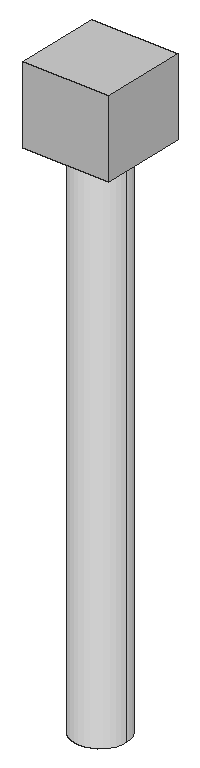
Revit family "529aaa70927044958ceb0f1610bc4a7b", category Structural Foundations, Revit 2021
Family settings
  Material for Model Behavior = Concrete
  Cap = No
  OmniClass Number = 23.25.05.11
  OmniClass Title = Foundation Piles
  Seek Item ID = Pile Cap-1 Pile-0000-USA-ENU
  Work Plane-Based = No
  Always vertical = Yes
  Cut with Voids When Loaded = No
  Shared = No
Parameters (values of type "39"x39"x35"")
  Width = 3' - 3"
  Structural Material [instance] = Concrete, Cast-in-Place gray
  Pile Type = Pile-Steel Pipe : 24" Diameter
  Length = 3' - 3"
  Foundation Thickness = 2' - 11"
  Cut-off = 0' - 6"
  Assembly Code = "A1010130"
Reference planes (in)
  plane 1 "Center (Front/Back)": y = 0
  plane 2: z = 0
  plane 3 "Center (Left/Right)": x = 0
  plane 4: z = -35
  plane 5: y = 19.5
  plane 6: x = -19.5
  plane 7: x = 19.5
  plane 8: z = -29
  plane 9: y = -19.5
Forms (in)
  Extrusion 1, solid, material "Concrete, Cast-in-Place gray" <- "Structural Material"
    sketch origin (0, 0, 0) x (1, 0, 0) y (0, 1, 0)
      loop
        line (-19.5, 19.5) -> (-19.5, -19.5) -> (19.5, -19.5) -> (19.5, 19.5) -> (-19.5, 19.5)
    from -35 to 0
Dimensions and locks (in)
  "Foundation Thickness": plane 2 to plane 4
  equal spacing: plane 6, plane 3 "Center (Left/Right)", plane 7  (x2)
  "Cut-off": plane 4 to plane 8
  equal spacing: plane 5, plane 1 "Center (Front/Back)", plane 9
  "Length": plane 5 to plane 9
  "Width": plane 6 to plane 7
  aligned and locked: plane 6 to Extrusion 1 sketch curve
  aligned and locked: Extrusion 1 sketch curve to plane 5
  aligned and locked: Extrusion 1 sketch curve to plane 7
  aligned and locked: plane 4 to Extrusion 1
  aligned and locked: level to Extrusion 1
  aligned and locked: Extrusion 1 to plane 9
  aligned and locked: plane 1 "Center (Front/Back)" to nested 1
  aligned and locked: plane 3 "Center (Left/Right)" to nested 1
  aligned and locked: plane 8 to nested 1
Automatic sketch dimensions
  Extrusion 1 sketch curve to plane 9 = 0' - 0"
Nested families (in)
  nested 1: "Pile-Steel Pipe" at (0, 0, -35), type <- "Pile Type", type "24" Diameter"
    with Structural Material Steel ASTM A572
Definition of nested family "Pile-Steel Pipe"
  Parameters (values of type "8" Diameter")
    Structural Material [instance] = none
    Radius = Diameter / 2  # 0' - 4"
    Minimum Embedment = 0' - 6"
    Diameter = 0' - 8"
    Depth = 20' - 0"
    Assembly Code = "A1020130"
  Types (7): name | Radius | Diameter
    (no name) | 0' - 4" | 0' - 8"
    12" Diameter | 0' - 6" | 1' - 0"
    24" Diameter | 1' - 0" | 2' - 0"
    10" Diameter | 0' - 5" | 0' - 10"
    16" Diameter | 0' - 8" | 1' - 4"
    20" Diameter | 0' - 10" | 1' - 8"
    8" Diameter | 0' - 4" | 0' - 8"
  Reference planes (in)
    plane 1 "Center (Front/Back)": y = 0
    plane 2: z = 0
    plane 3 "Center (Left/Right)": x = 0
    plane 4: z = -240
    plane 5: z = 6
  Forms (in)
    Extrusion 1, solid, material <- "Structural Material"
      sketch origin (0, 0, 0) x (1, 0, 0) y (0, 1, 0)
        loop
          circle (0, 0) r 4
      from -240 to 6
  Dimensions and locks (in)
    "Depth": plane 2 to plane 4
    "Minimum Embedment": plane 5 to plane 2
    "Radius": radius of Extrusion 1 sketch curve
    aligned and locked: Extrusion 1 to plane 4
    aligned and locked: Extrusion 1 to plane 5
  Automatic sketch dimensions
    Extrusion 1 sketch curve to plane 1 "Center (Front/Back)" = 0' - 0"
    Extrusion 1 sketch curve to plane 3 "Center (Left/Right)" = 0' - 0"
